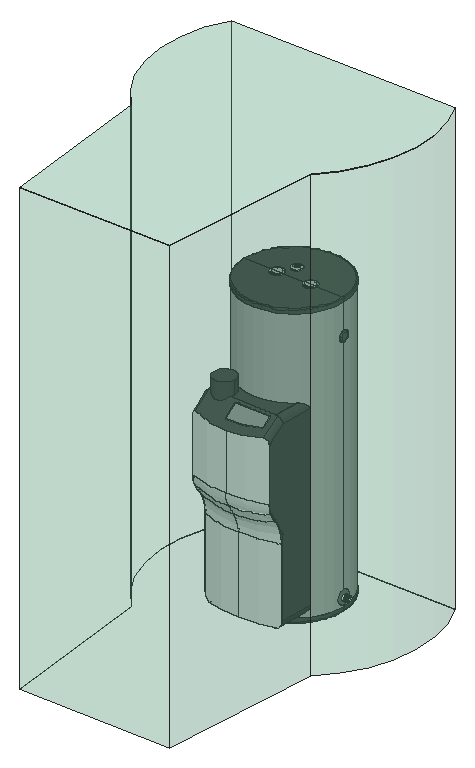
Revit family "Innovo  BENL_IR 32 285 BENL NAT", category Mechanical Equipment, Revit 2015
Parameters (values of type "IR-32-285 BENL NAT")
  Werkruimte Radius = Diameter + 170 mm  # 780 mm
  Werkruimte Hoogte = Hoogte + 1000 mm  # 2745 mm
  Werkruimte Afstand Voor = 1000 mm
  Werkruimte [instance] = yes
  Voorzorgsmaatregelen tijdens montage, installatie of onderhoud = "zie Gebruikers, Installatie, Service en Onderhouds handleiding"  # constant formula
  Voltage = 230 V  # constant formula
  Verpakkingslengte = 946 mm  # constant formula
  Verpakkingshoogte = 1895 mm
  Verpakkingsbreedte = 786 mm  # constant formula
  Uitsluitend werkend in daluren = no
  Uitschakeldruk LDS < = "210"
  Type aanduiding = "IR-24-285"
  Transportgewicht = 153 kg
  Totaal Gewicht = 438 kg
  Stilstandsverlies - dagelijks (24u) = 0 W
  Stilstandsverlies = 0 W
  Standaard Afgesteld op = "G31"
  Stand Regelthermostaat = 65 °C  # constant formula
  Soort Verpakking = "Karton en Hout"  # constant formula
  Slimme controlefunctie = no
  Setpoint thermostaat = 65 °C  # constant formula
  Seizoens Rendement (Hs) = [Rendement (Hs, vlgs. NEN-EN 89 - 1999)]  # 97
  Rendement (Hs, vlgs. NEN-EN 89 - 1999) = 97
  Rendement (Hi, vlgs. NEN-EN 89 - 1999) = 108
  Produktspecificaties Link = ""
  Produkthandleiding Link = ""
  Produkt Model Nummer (EAN-nummer) = "8717449286200"
  Onderhoudsinterval = "12 maanden"  # constant formula
  Nominale Belasting (Onderwaarde) = "22000.0"
  Nominale Belasting (Bovenwaarde) = "23900.0"
  Nominaal Vermogen = "23300.0"
  NOx-uitstoot mg/kWh = "33"
  NOx-uitstoot (lucht vrij, 0% O2) ppm = "20.0"
  Min. Stand Regelthermostaat = 40 °C  # constant formula
  Max. Werkdruk = 800000.0 Pa
  Max. Stand Regelthermostaat = 85 °C  # constant formula
  Max. Rookgastemperatuur = 57 °C
  Ledig Gewicht = 136 kg
  Kraan Hoogte 02 = if(and(Hoogte = 1745 mm, Diameter = 675 mm), 1518 mm, if(and(Hoogte = 1745 mm, Diameter = 610 mm), 1534 mm, if(Hoogte = 1545 mm, 1328 mm, 1070 mm)))  # 1534 mm
  Kraan Hoogte 01 = if(and(Diameter > 560 mm), 693 mm, 604 mm)  # 693 mm
  URL = "www.aosmith.be"
  Tapcapaciteit bij ΔT = 70°C  na 90 min. = 630.0 L
  Tapcapaciteit bij ΔT = 70°C  na 60 min. = 490.0 L
  Tapcapaciteit bij ΔT = 70°C  na 30 min. = 340.0 L
  Tapcapaciteit bij ΔT = 70°C  na 120 min. = 780.0 L
  Tapcapaciteit bij ΔT = 55°C  na 90 min. = 830.0 L
  Tapcapaciteit bij ΔT = 55°C  na 60 min. = 650.0 L
  Tapcapaciteit bij ΔT = 55°C  na 30 min. = 460.0 L
  Tapcapaciteit bij ΔT = 55°C  na 120 min. = 1100.0 L
  Tapcapaciteit bij ΔT = 50°C  na 90 min. = 920.0 L
  Tapcapaciteit bij ΔT = 50°C  na 60 min. = 720.0 L
  Tapcapaciteit bij ΔT = 50°C  na 30 min. = 510.0 L
  Tapcapaciteit bij ΔT = 50°C na 120 min. = 1200.0 L
  Tapcapaciteit bij ΔT = 44°C na 120 min. = 1100.0 L
  Tapcapaciteit bij ΔT = 44°C  na 90 min. = 820.0 L
  Tapcapaciteit bij ΔT = 44°C  na 60 min. = 590.0 L
  Tapcapaciteit bij ΔT = 44°C  na 30 min. = 1300.0 L
  Tapcapaciteit bij ΔT = 28°C na 90 min. = 1700.0 L
  Tapcapaciteit bij ΔT = 28°C na 60 min. = 1400.0 L
  Tapcapaciteit bij ΔT = 28°C na 30 min. = 960.0 L
  Tapcapaciteit bij ΔT = 28°C na 120 min. = 2100.0 L
  Tapcapaciteit Continu bij ΔT = 70°C = 290.0 L/s
  Tapcapaciteit Continu bij ΔT = 55°C = 370.0 L/s
  Tapcapaciteit Continu bij ΔT = 50°C = 410.0 L/s
  Tapcapaciteit Continu bij ΔT = 44°C = 460.0 L/s
  Tapcapaciteit Continu bij ΔT = 28°C = 740.0 L/s
  Opwarmtijd bij ΔT = 70°C = "49"
  Opwarmtijd bij ΔT = 55°C = "39"
  Opwarmtijd bij ΔT = 50°C = "35"
  Opwarmtijd bij ΔT = 44°C = "31"
  Opwarmtijd bij ΔT = 28°C = "20"
  Model = "IR-24-285 BENL LP"
  Manufacturer = "A.O. Smith Water Products Company b.v."  # constant formula
  Length = 780 mm  # constant formula
  Jaarlijks elektriciteitsverbruik (2) = "-"
  Jaarlijks elektriciteitsverbruik (1) = "45 kWh"
  Jaarlijks brandstofverbruik (2) = "-"
  Jaarlijks brandstofverbruik (1) = "21 GJ GCV"
  Isolatiedikte = 44 mm
  Installatie Typen = "B23/C13/C33/C43/C53/C63"  # constant formula
  Inhoud = 285.0 L
  Hoogte Warm Water Uitlaat = 1745 mm
  Hoogte Rookgasafvoer = 1350 mm
  Hoogte Lucht Inlaat = 1350 mm
  Hoogte Koud Water Inlaat = 170 mm
  Hoogte Gas Aansluiting = 920 mm
  Hoogte = 1745 mm
  Handelsmerk = "A.O. Smith"  # constant formula
  Geluidsniveau dB (A) = "<45"  # constant formula
  Geluidsniveau binnen = "53 dB"
  Gasverbruik - Volume ltr/hr = "n.v.t."
  Gasverbruik - Massa kg/h = "1.7"
  Gascategorie = "I2E(S)B"  # constant formula
  Gas Voordruk = "3700 Pa"
  Gas Aansluiting = 15"  # constant formula
  Garrantie op Tank = "36 maanden"  # constant formula
  Garrantie op Onderdelen = "12 maanden"  # constant formula
  Frequentie = 50 Hz  # constant formula
  Fase = 1
  Fabrikantnummer = "E 7110"  # constant formula
  Energie-efficiëntieklasse voor waterverwarming (2) = "-"
  Energie-efficiëntieklasse voor waterverwarming (1) = "A"  # constant formula
  Energie-efficiëntie voor waterverwarming (2) = "-"
  Energie-efficiëntie voor waterverwarming (1) = "91%"
  Elektrisch Vermogen (piek) = 105 W
  Elektrisch Vermogen (nominaal) = 51 W
  Diameter Schoorsteen - parallel systeem = "2x80"  # constant formula
  Diameter Schoorsteen - concentrisch systeem = "80/125 mm/mm"  # constant formula
  Diameter Schoorsteen - boiler = "80/125 mm/mm"  # constant formula
  Diameter = 610 mm
  Description = "Condenserende Hoog Rendementsboiler"  # constant formula
  Created By = "http://www.cadcompany.nl/"
  Capaciteitsprofiel = "XXL"
  CO2-uitstoot (tol. +/- 1.0) vol% = "10.0"
  CE-PIN = "0063CQ3037"  # constant formula
  Breedte = Diameter  # 610 mm
  Bestemming / Land = "BelgIë"  # constant formula
  BIM Content Developer = "CAD & Company"  # constant formula
  Assembly Code = "D3010"
  Ander capaciteitsprofiel = "-"
  Aansluiting Warm Water = 1"
  Aansluiting T&P = 1"
  Aansluiting Koud Water = 3/4"  # constant formula
  Aansluiting Condensafvoer = 40 mm  # constant formula
  Aansluiting Aftapkraan = 3/4"  # constant formula
  2e Onderhoud (algeheel onderhoud) = "12 maanden na installatie"  # constant formula
  1e Onderhoud (check-up) = "3 maanden na installatie"  # constant formula
Reference planes
  plane 1 "Center (Front/Back)": y = 0
  plane 2: z = 0
  plane 3 "Center (Left/Right)": x = 0
  plane 4 "Pipe": through (-383.901, 912.349, 194.799) normal (-0.0879, -0.0879, 0.9923)
  plane 5 "footing": y = 118.925
  plane 6 "footing front": y = -237.85
  plane 7: x = -305
  plane 8: x = 305
  plane 9: z = 1745
Forms (mm)
  Revolve 1, solid, material "RAL 9005", detail levels medium+fine
    sketch origin (0, -237.85, 0) x (-1, 0, 0) y (0, 0, 1)
      loop
        line (0, 28.9) -> (-15, 28.9) -> (-15, 26.4) -> (-8.671, 26.4) -> (-8.671, 18) -> (-5.686, 18) -> (-6.626, 17.06) -> (-6.626, 12.06) -> (-8.671, 12.06) -> (-8.671, 10) -> (-10.031, 10) -> (-23.271, 5.181)
        arc (-23.271, 5.181) -> (-23.763, 4.836) -> (-24.017, 4.293) r 1.159
        line (-24.017, 4.293) -> (-24.017, 1.03)
        arc (-24.017, 1.03) -> (-23.715, 0.302) -> (-22.986, 0) r 1.03
        line (-22.986, 0) -> (0, 0) -> (0, 28.9)
      axis (0, 28.9) -> (0, 0)
    angle from 0 to 360
  Revolve 2, solid, material "RAL 9005", detail levels medium+fine
    sketch origin (0, 118.925, 0) x (-1, 0, 0) y (0, 0, 1)
      loop
        line (-205.984, 28.9) -> (-220.984, 28.9) -> (-220.984, 26.4) -> (-214.655, 26.4) -> (-214.655, 18) -> (-211.67, 18) -> (-212.61, 17.06) -> (-212.61, 12.06) -> (-214.655, 12.06) -> (-214.655, 10) -> (-216.015, 10) -> (-229.256, 5.181)
        arc (-229.256, 5.181) -> (-229.747, 4.836) -> (-230.001, 4.293) r 1.159
        line (-230.001, 4.293) -> (-230.001, 1.03)
        arc (-230.001, 1.03) -> (-229.699, 0.302) -> (-228.971, 0) r 1.03
        line (-228.971, 0) -> (-205.984, 0) -> (-205.984, 28.9)
      axis (-205.984, 28.9) -> (-205.984, 0)
    angle from 0 to 360
  Revolve 3, solid, material "RAL 9005", detail levels medium+fine
    sketch origin (0, 118.925, 0) x (-1, 0, 0) y (0, 0, 1)
      loop
        line (204.016, 28.9) -> (189.016, 28.9) -> (189.016, 26.4) -> (195.345, 26.4) -> (195.345, 18) -> (198.33, 18) -> (197.39, 17.06) -> (197.39, 12.06) -> (195.345, 12.06) -> (195.345, 10) -> (193.985, 10) -> (180.744, 5.181)
        arc (180.744, 5.181) -> (180.253, 4.836) -> (179.999, 4.293) r 1.159
        line (179.999, 4.293) -> (179.999, 1.03)
        arc (179.999, 1.03) -> (180.301, 0.302) -> (181.029, 0) r 1.03
        line (181.029, 0) -> (204.016, 0) -> (204.016, 28.9)
      axis (204.016, 28.9) -> (204.016, 0)
    angle from 0 to 360
Lines and regions (mm)
  symbolic lines
    curve 1: line (0, 280.06, 0) -> (0, -280.06, 0)
    curve 2: line (-280.06, 0, 0) -> (280.06, 0, 0)
  symbolic lines, style "Workspace"
    curve 3: line (681.142, 380.06, 0) -> (-681.142, 380.06, 0)
    curve 4: arc (-681.142, 380.06, 0) -> (-777.325, -64.546, 0) -> (-609.127, -487.2, 0) r 780
    curve 5: line (-609.127, -487.2, 0) -> (-421.783, -1517.825, 0)
    curve 6: line (-421.783, -1517.825, 0) -> (424.03, -1517.825, 0)
    curve 7: line (424.03, -1517.825, 0) -> (611.027, -484.816, 0)
    curve 8: arc (611.027, -484.816, 0) -> (777.449, -63.027, 0) -> (681.142, 380.06, 0) r 780
Dimensions and locks
  plane 5 "footing" to plane 1 "Center (Front/Back)" = 118.925 mm
  plane 1 "Center (Front/Back)" to plane 6 "footing front" = 237.85 mm
  "Diameter": plane 7 to plane 8
  equal spacing: plane 7, plane 3 "Center (Left/Right)", plane 8
  "Hoogte": plane 9 to plane 2
  "Werkruimte Afstand Voor": curve 6 to nested 3
  "Werkruimte Radius": radius of curve 4
  "Werkruimte Radius": radius of curve 8
  aligned and locked: level to plane 2
  aligned and locked: nested 3 to Revolve 1 sketch curve
  aligned and locked: plane 3 "Center (Left/Right)" to Revolve 1 sketch curve
  aligned and locked: nested 3 to plane 1 "Center (Front/Back)"
  aligned and locked: plane 3 "Center (Left/Right)" to nested 3
  aligned and locked: nested 1 to plane 8
  aligned and locked: nested 5 to plane 8
  aligned and locked: nested 2 to plane 7
  aligned and locked: nested 4 to plane 7
  aligned and locked: nested 7 to plane 7
  aligned and locked: nested 8 to plane 3 "Center (Left/Right)"
  aligned and locked: nested 8 to nested 3
  aligned and locked: curve 3 to nested 8
Automatic sketch dimensions
  Revolve 1 sketch curve to level = 0 mm
  plane 3 "Center (Left/Right)" to Revolve 1 sketch curve = 5.686 mm
  Revolve 1 sketch curve to Revolve 1 sketch curve = 0.94 mm  (x2)
  Revolve 1 sketch curve to Revolve 1 sketch curve = 2.046 mm  (x2)
  Revolve 1 sketch curve to Revolve 1 sketch curve = 1.359 mm
  Revolve 1 sketch curve to Revolve 1 sketch curve = 6.329 mm
  level to Revolve 1 sketch curve = 4.091 mm
  Revolve 1 sketch curve to Revolve 1 sketch curve = 12.844 mm
  level to Revolve 1 sketch curve = 1.03 mm
  Revolve 1 sketch curve to Revolve 1 sketch curve = 0.111 mm
  level to Revolve 1 sketch curve = 5.181 mm
  Revolve 1 sketch curve to Revolve 1 sketch curve = 0.745 mm
  level to Revolve 1 sketch curve = 10 mm
  Revolve 1 sketch curve to Revolve 1 sketch curve = 2.06 mm
  Revolve 1 sketch curve to Revolve 1 sketch curve = 5 mm
  Revolve 1 sketch curve to Revolve 1 sketch curve = 8.4 mm
  Revolve 1 sketch curve to Revolve 1 sketch curve = 2.5 mm
  Revolve 1 sketch curve to level = 19.635 mm
  Revolve 1 sketch curve to Revolve 1 sketch curve = 46.465 mm
  Revolve 2 sketch curve to level = 0 mm
  level to Revolve 2 sketch curve = 1.03 mm
  Revolve 2 sketch curve to plane 8 = 74.999 mm
  level to Revolve 2 sketch curve = 5.181 mm
  Revolve 2 sketch curve to Revolve 2 sketch curve = 0.745 mm
  Revolve 2 sketch curve to Revolve 2 sketch curve = 0.397 mm
  Revolve 2 sketch curve to Revolve 2 sketch curve = 8.271 mm
  Revolve 2 sketch curve to Revolve 2 sketch curve = 13.241 mm
  Revolve 2 sketch curve to Revolve 2 sketch curve = 1.359 mm
  Revolve 2 sketch curve to Revolve 2 sketch curve = 6.329 mm
  Revolve 2 sketch curve to Revolve 2 sketch curve = 2.046 mm
  level to Revolve 2 sketch curve = 18 mm
  Revolve 2 sketch curve to Revolve 2 sketch curve = 0.94 mm  (x2)
  Revolve 2 sketch curve to Revolve 2 sketch curve = 8.671 mm
  Revolve 2 sketch curve to Revolve 2 sketch curve = 1.089 mm
  Revolve 2 sketch curve to Revolve 2 sketch curve = 8 mm
  Revolve 2 sketch curve to Revolve 2 sketch curve = 2.06 mm
  Revolve 2 sketch curve to Revolve 2 sketch curve = 8.4 mm
  Revolve 2 sketch curve to Revolve 2 sketch curve = 2.5 mm
  Revolve 2 sketch curve to Revolve 2 sketch curve = 0 mm
  Revolve 2 sketch curve to level = 19.635 mm
  Revolve 2 sketch curve to Revolve 2 sketch curve = 46.465 mm
  Revolve 3 sketch curve to level = 0 mm
  level to Revolve 3 sketch curve = 1.03 mm
  Revolve 3 sketch curve to plane 7 = 125.001 mm
  level to Revolve 3 sketch curve = 5.181 mm
  Revolve 3 sketch curve to Revolve 3 sketch curve = 0.745 mm
  Revolve 3 sketch curve to Revolve 3 sketch curve = 0.397 mm
  Revolve 3 sketch curve to Revolve 3 sketch curve = 8.271 mm
  Revolve 3 sketch curve to Revolve 3 sketch curve = 13.241 mm
  Revolve 3 sketch curve to Revolve 3 sketch curve = 1.359 mm
  Revolve 3 sketch curve to Revolve 3 sketch curve = 6.329 mm
  Revolve 3 sketch curve to Revolve 3 sketch curve = 2.046 mm
  level to Revolve 3 sketch curve = 18 mm
  Revolve 3 sketch curve to Revolve 3 sketch curve = 0.94 mm  (x2)
  Revolve 3 sketch curve to Revolve 3 sketch curve = 8.671 mm
  Revolve 3 sketch curve to Revolve 3 sketch curve = 1.089 mm
  Revolve 3 sketch curve to Revolve 3 sketch curve = 8 mm
  Revolve 3 sketch curve to Revolve 3 sketch curve = 2.06 mm
  Revolve 3 sketch curve to Revolve 3 sketch curve = 8.4 mm
  Revolve 3 sketch curve to Revolve 3 sketch curve = 2.5 mm
  Revolve 3 sketch curve to Revolve 3 sketch curve = 0 mm
  Revolve 3 sketch curve to level = 19.635 mm
  Revolve 3 sketch curve to Revolve 3 sketch curve = 46.465 mm
  curve 4 to curve 8 = 0 mm  (x2)
  plane 1 "Center (Front/Back)" to curve 2 = 0 mm
  curve 1 to plane 3 "Center (Left/Right)" = 0 mm
  plane 1 "Center (Front/Back)" to curve 4 = 0 mm
  curve 4 to plane 3 "Center (Left/Right)" = 0 mm
  curve 5 to plane 6 "footing front" = 249.35 mm
  plane 7 to curve 5 = 116.783 mm
  plane 8 to curve 7 = 119.03 mm
  curve 7 to plane 6 "footing front" = 246.966 mm
  curve 2 to plane 7 = 24.94 mm
  curve 2 to plane 8 = 24.94 mm
  curve 1 to plane 6 "footing front" = 42.21 mm
  plane 5 "footing" to curve 1 = 161.135 mm
Nested families
  nested 1: "Valve" at (305, -0.38, 1534) x (0, 1, 0) z (0, 0, 1), built-in parameter 1001364 <- "Kraan Hoogte 02", type "Valve"
  nested 2: "Drain Valve" at (-305, 0, 1534), built-in parameter 1001364 <- "Kraan Hoogte 02", type "Drain Valve"
  nested 3: "Housing Mother Housing S 57 (external)" at (0, -299.886, 0), type "Housing Mother_Housing S_57"
    with radius 305 mm, distance to boiler center 154 mm, diameter 610 mm
  nested 4: "Drain Valve" at (-305, 0, 177), type "Drain Valve"
  nested 5: "Drain Valve" at (305, 0, 107) x (-1, 0, 0) z (0, 0, 1), type "Drain Valve"
  nested 6: "Boiler" at (0, 0, 0), height <- "Hoogte", type "Boiler"
    with height 1745 mm, radius 305 mm, Diameter 610 mm
  nested 7: "Drain Valve" at (-305, 0, 693), built-in parameter 1001364 <- "Kraan Hoogte 01", type "Drain Valve"
  nested 8: "Innovo_workspace" at (0, 0, 0), Workspace <- "Werkruimte", Workspace Distance Front <- "Werkruimte Afstand Voor", Workspace Height <- "Werkruimte Hoogte", Workspace Radius <- "Werkruimte Radius", type "Workspace"
    with Workspace Radius 780 mm, Workspace Height 2745 mm, Workspace Distance Front 1000 mm, Workspace yes, Center to Front 517.825 mm
Connectors
  piping at (339.826, 0, 107), diameter 19.05, driven by "Aansluiting Aftapkraan"
    settings: on nested 5, index 1, connector inside diameter 24", connector length 0 mm, flow factor 0, pipe flow 0.0 L/s, pressure drop 0.0 Pa, fitting loss kfactor 0, connector angle 0.00°, fixture units 0, engagement length 0 mm, angle of deflection 0.00°, flow configuration 0, flow direction 0, fitting loss method 0, system type 19, joint type 0, gender type 0, connector reference index -1, connector utility 0, adjustable connector no, is connector primary yes, connector description ""
  hvac at (-147.013, -346.326, 1310.674)
    settings: on nested 3, index 2, duct flow 0.0 L/s, flow factor 0, pres drop 0.0 Pa, loss coef 0, conn angle 0.00°, conn width 304.8 mm, conn height 304.8 mm, conn diameter 125 mm, duct sys type 4, conn prof type 0, flow config 0, flow direction 0, loss method 0, conn ref index -1, conn util no, is conn primary yes, conn desc ""
Definition of nested family "Valve"
  Parameters (values of type "Valve")
    Type Comments = "T&P valve (internal)"
    Manufacturer = "A.O. Smith"
  Reference planes
    plane 1 "Center (Front/Back)": y = 0
    plane 2: z = 0
    plane 3 "Center (Left/Right)": x = 0
  Forms (mm)
    Extrusion 1, solid, detail levels fine
      sketch origin (0, 0, 0) x (1, 0, 0) y (0, 0, 1)
        loop
          circle (0, 0) r 31.5
      from -2.271 to 1.4
    Sweep 2, solid, detail levels fine
      path origin (0, -1.4, 0) x (1, 0, 0) y (0, 0, 1)
        loop
          circle (0, 0) r 31.5
      profile origin (0, -1.4, 31.5) x (0, 0, -1) y (0, -1, 0)
        loop
          line (7.3, 0) -> (7.3, 3) -> (0, 0) -> (7.3, 0)
  Dimensions and locks
    aligned and locked: level to plane 2
Definition of nested family "Drain Valve"
  Reference planes
    plane 1 "Center (Front/Back)": y = 0
    plane 2: z = 0
    plane 3 "Center (Left/Right)": x = 0
  Forms (mm)
    Revolve 1, solid, detail levels medium+fine
      sketch origin (0, 0, 0) x (1, 0, 0) y (0, 0, 1)
        loop
          line (-33.442, 15.696) -> (-34.826, 14.329) -> (-34.93, 12.731) -> (-16.555, 12.731) -> (-16.555, 0) -> (15.787, 0) -> (15.787, 18.3) -> (-14.4, 18.3) -> (-17.148, 15.533) -> (-18.729, 16.697) -> (-20.091, 15.333) -> (-21.672, 16.496) -> (-23.034, 15.133) -> (-24.614, 16.296) -> (-25.976, 14.932) -> (-27.557, 16.096) -> (-28.919, 14.732) -> (-30.5, 15.896) -> (-31.862, 14.532) -> (-33.442, 15.696)
        axis (-34.93, 0) -> (15.787, 0)
      angle from 0 to 360
  Dimensions and locks
    aligned and locked: level to plane 2
  Nested families
    nested 1: "Rubber sealing" at (2.592, -0.155, 0) x (0.0023, -1, 0) z (0, 0, 1), type "Rubber sealing", detail levels fine
  Definition of nested family "Rubber sealing"
    Reference planes
      plane 1 "Center (Front/Back)": y = 0
      plane 2: z = 0
      plane 3 "Center (Left/Right)": x = 0
    Forms (mm)
      Extrusion 1, solid, detail levels fine
        sketch origin (141.861, 319.581, 0) x (1, 0, 0) y (0, 1, 0)
          loop
            line (-216.354, -311.898) -> (-216.354, -313.94)
            arc (-216.354, -313.94) -> (-141.602, -321.581) -> (-66.861, -313.835) r 366.966
            line (-66.861, -313.835) -> (-66.861, -311.791)
            arc (-66.861, -311.791) -> (-141.602, -319.581) -> (-216.354, -311.898) r 364.966
        from -80 to 80
      Extrusion 2, void
        sketch origin (141.861, 319.581, 0) x (1, 0, 0) y (0, 0, 1)
          loop
            circle (-141.861, 0) r 13
          loop
            circle (-141.861, 0) r 110
          loop
            circle (-141.861, 0) r 40
        from 311.563 to 332.684
      Extrusion 3, void
        sketch origin (141.861, 319.581, 0) x (1, 0, 0) y (0, 0, 1)
          loop
            circle (-141.861, 0) r 18.25
        from 315.524 to 326.084
    Cuts and joins
      Extrusion 2, Extrusion 3 cuts Extrusion 1
    Dimensions and locks
      aligned and locked: level to plane 2
Definition of nested family "Housing Mother Housing S 57 (external)"
  Parameters (values of type "Housing Mother_Housing S_57")
    radius [instance] = 280 mm
    distance to boiler center = if(diameter = 675 mm, 189 mm, if(diameter = 610 mm, 154 mm, 129 mm))  # 129 mm
    diameter = 560 mm
  Reference planes
    plane 1 "Center (Front/Back)": y = 0
    plane 2: z = 0
    plane 3 "Center (Left/Right)": x = 0
    plane 4 "left": through (-245.286, 145.886, 1200) normal (0.9994, 0.0349, 0)
    plane 5: y = -217.939
    plane 6: y = 145.886
    plane 7: z = 1232.6
    plane 8: z = 65.89
    plane 9 "right": through (245.286, 145.886, 1200) normal (0.9994, -0.0349, 0)
    plane 10 "display": through (0, -90.37, 1221.196) normal (0, -0.5736, 0.8192)
    plane 11 "Potentiostat": z = 867.899
    plane 12 "boiler center": y = 274.886
    plane 13: x = -280
    plane 14: x = 280
  Forms (mm)
    Extrusion 1, solid
      sketch origin (0, 0, 0) x (1, 0, 0) y (0, 1, 0)
        loop
          line (-245.286, 145.886) -> (-232.581, -217.939) -> (232.581, -217.939) -> (245.286, 145.886)
          arc (245.286, 145.886) -> (0, 0.923) -> (-245.286, 145.886) r 280
      from 0 to 1232.6
    Sweep 2, void
      path origin (0, 0, 0) x (0, 1, 0) y (0, 0, 1)
        loop
          line (-217.939, 1232.6) -> (-217.939, 795.555)
          arc (-217.939, 795.555) -> (-212.387, 754.285) -> (-197.694, 715.322) r 183.924
          arc (-197.694, 715.322) -> (-179.915, 684.628) -> (-159.106, 655.901) r 348.284
          arc (-159.106, 655.901) -> (-131.411, 600.328) -> (-121.88, 538.973) r 202.254
          line (-121.88, 538.973) -> (-121.88, 61.106)
      profile origin (0, -217.939, 1014.077) x (1, 0, 0) y (0, 1, 0)
        loop
          arc (0, 0) -> (-117.533, 9.941) -> (-231.728, 39.475) r 699.984
          arc (-231.728, 39.475) -> (-233.391, 40.705) -> (-234.07, 42.659) r 3.505
          line (-234.07, 42.659) -> (-254.062, 42.659) -> (-254.062, -142.593) -> (254.07, -142.593) -> (254.07, 42.659) -> (234.07, 42.659)
          arc (234.07, 42.659) -> (233.391, 40.705) -> (231.728, 39.475) r 3.505
          arc (231.728, 39.475) -> (117.533, 9.941) -> (0, 0) r 699.984
    Extrusion 3, void
      sketch origin (0, 0, 0) x (0, 1, 0) y (0, 0, 1)
        loop
          arc (102.864, 70.869) -> (99.804, 70.709) -> (96.874, 69.813) r 12.57
          arc (96.874, 69.813) -> (87.878, 66.533) -> (78.516, 64.529) r 69.114
          arc (78.516, 64.529) -> (76.41, 64.284) -> (74.294, 64.148) r 41.206
          arc (74.294, 64.148) -> (65.203, 64.335) -> (56.122, 64.782) r 318.661
          arc (56.122, 64.782) -> (30.585, 66.179) -> (5.028, 67.128) r 1456.581
          line (5.028, 67.128) -> (-84.534, 73.135)
          arc (-84.534, 73.135) -> (-86.363, 73.808) -> (-87.536, 75.365) r 3.455
          line (-87.536, 75.365) -> (-264.473, 75.365) -> (-264.473, 0) -> (160.886, 0) -> (160.886, 103.945) -> (145.886, 103.945)
          arc (145.886, 103.945) -> (145.104, 97.827) -> (142.923, 92.059) r 26.364
          arc (142.923, 92.059) -> (141.067, 88.936) -> (138.867, 86.045) r 31.715
          arc (138.867, 86.045) -> (135.576, 82.49) -> (132.021, 79.2) r 62.615
          arc (132.021, 79.2) -> (125.841, 74.697) -> (119.091, 71.103) r 54.444
          arc (119.091, 71.103) -> (116.371, 70.272) -> (113.531, 70.123) r 11.669
          line (113.531, 70.123) -> (102.864, 70.869)
      from -254.062 to 254.07
    Sweep 4, void
      path origin (0, 0, 0) x (1, 0, 0) y (0, 1, 0)
        loop
          line (-245.286, 145.886) -> (-232.581, -217.939)
      profile origin (-238.933, -36.027, 0) x (0.999391, 0.034899, 0) y (0, 0, 1)
        loop
          line (-4.454, 0) -> (47.084, 0) -> (47.084, 73.431)
          arc (47.084, 73.431) -> (14.222, 85.134) -> (0.255, 117.1) r 43.922
          line (0.255, 117.1) -> (-4.454, 117.1) -> (-4.454, 0)
    Sweep 5, void
      path origin (0, 0, 0) x (-1, 0, 0) y (0, 1, 0)
        loop
          line (-245.286, 145.886) -> (-232.581, -217.939)
      profile origin (238.933, -36.027, 0) x (0.999391, -0.034899, 0) y (0, 0, 1)
        loop
          line (4.454, 0) -> (4.454, 117.1) -> (-0.255, 117.1)
          arc (-0.255, 117.1) -> (-14.222, 85.134) -> (-47.084, 73.431) r 43.922
          line (-47.084, 73.431) -> (-47.084, 0) -> (4.454, 0)
    Sweep 6, void
      path origin (-239.899, -8.377, 0) x (-0.034899, 0.999391, 0) y (0, 0, 1)
        loop
          line (-209.69, 1141.272) -> (-79.18, 1232.6) -> (154.358, 1232.6)
      profile origin (-241.211, 29.188, 1232.6) x (0, 0, 1) y (0.999391, 0.034899, 0)
        loop
          line (-45, -30) -> (75, -30) -> (75, 0) -> (75, 55) -> (2.799, 55) -> (-1.253, 35.128)
          arc (-1.253, 35.128) -> (-16.771, 9.564) -> (-45, -0.308) r 44.287
          line (-45, -0.308) -> (-45, -30)
    Sweep 7, void
      path origin (239.899, -8.377, 0) x (0.034899, 0.999391, 0) y (0, 0, 1)
        loop
          line (-209.69, 1141.272) -> (-79.18, 1232.6) -> (154.358, 1232.6)
      profile origin (241.211, 29.188, 1232.6) x (0, 0, -1) y (-0.999391, 0.034899, 0)
        loop
          line (-75, -25) -> (45, -25) -> (45, -0.308)
          arc (45, -0.308) -> (16.771, 9.564) -> (1.253, 35.128) r 44.287
          line (1.253, 35.128) -> (-2.799, 55) -> (-75, 55) -> (-75, -25)
    Extrusion 8, void
      sketch origin (0, 0, 0) x (0, 1, 0) y (0, 0, 1)
        loop
          line (-270, 1336.099) -> (-270, 1099.081) -> (68.497, 1336.099) -> (-270, 1336.099)
      from -425.038 to 444.42
    Extrusion 9, solid, detail levels medium+fine
      sketch origin (0, 0, 0) x (1, 0, 0) y (0, 1, 0)
        loop
          circle (-147.013, -46.44) r 65
      from 1163.174 to 1310.674
    Extrusion 10, void
      sketch origin (0, -603.506, 861.895) x (0, 0.819152, 0.573576) y (-1, 0, 0)
        loop
          arc (618.322, -173) -> (623.272, -170.95) -> (625.322, -166) r 7
          line (625.322, -166) -> (625.322, 35)
          arc (625.322, 35) -> (623.272, 39.95) -> (618.322, 42) r 7
          line (618.322, 42) -> (535.473, 42)
          arc (535.473, 42) -> (530.688, 40.11) -> (528.488, 35.46) r 7
          arc (528.488, 35.46) -> (531.569, -67.592) -> (554.18, -168.18) r 540
          arc (554.18, -168.18) -> (556.724, -171.668) -> (560.831, -173) r 7
          line (560.831, -173) -> (618.322, -173)
      from 0 to 137.286
    Sweep 11, solid, detail levels fine
      path origin (0, 0, 867.899) x (-1, 0, 0) y (0, -1, 0)
        loop
          line (309.749, -35.617) -> (204.371, -35.617)
          arc (204.371, -35.617) -> (196.509, -34.687) -> (189.082, -31.947) r 33.677
          line (189.082, -31.947) -> (-9.574, 69.274)
      profile origin (-257.06, 35.617, 867.899) x (0, 1, 0) y (0, 0, 1)
        loop
          circle (0, 0) r 7.316
        loop
          circle (0, 0) r 6.465
    Revolve 12, void
      sketch origin (0, 274.886, 0) x (-1, 0, 0) y (0, 0, 1)
        loop
          line (280, 1243.838) -> (0, 1243.838) -> (0, 54.9) -> (280, 54.9) -> (280, 1243.838)
        axis (0, 1243.838) -> (0, 54.9)
      angle from 0 to 360
  Cuts and joins
    Sweep 2, Extrusion 3, Sweep 4, Sweep 5, Sweep 6, Sweep 7, Extrusion 8, Extrusion 10, Revolve 12 cuts Extrusion 1
  Dimensions and locks
    plane 8 to plane 2 = 65.89 mm
    plane 7 to plane 8 = 1166.71 mm
    "distance to boiler center": plane 12 "boiler center" to plane 6
    "diameter": plane 14 to plane 13
    equal spacing: plane 14, plane 3 "Center (Left/Right)", plane 13
    "radius": plane 3 "Center (Left/Right)" to plane 13
    aligned and locked: level to plane 2
    aligned and locked: Extrusion 1 to plane 7
    aligned and locked: Extrusion 1 sketch curve to plane 5
    aligned and locked: Sweep 2 to Extrusion 3
    aligned and locked: Extrusion 3 to Sweep 2  (x2)
    aligned and locked: plane 7 to Sweep 2 sketch curve
    aligned and locked: plane 3 "Center (Left/Right)" to Revolve 12 sketch curve
    aligned and locked: Revolve 12 sketch curve to plane 3 "Center (Left/Right)"
    aligned and locked: plane 13 to Revolve 12 sketch curve
  Automatic sketch dimensions
    Extrusion 1 sketch curve to plane 4 "left" = 0 mm  (x2)
    Extrusion 1 sketch curve to plane 6 = 0 mm  (x2)
    Extrusion 1 sketch curve to plane 3 "Center (Left/Right)" = 0 mm
    Extrusion 1 sketch curve to plane 9 "right" = 0 mm
    plane 6 to Extrusion 1 sketch curve = 135.037 mm
    Sweep 2 sketch curve to plane 5 = 0 mm
    plane 5 to Sweep 2 sketch curve = 106.195 mm
    Sweep 2 sketch curve to plane 5 = 96.059 mm
    plane 1 "Center (Front/Back)" to Sweep 2 sketch curve = 34.053 mm
    plane 11 "Potentiostat" to Sweep 2 sketch curve = 6.417 mm
    Sweep 2 sketch curve to plane 6 = 33.705 mm
    Sweep 2 sketch curve to plane 11 "Potentiostat" = 68.615 mm
    Sweep 2 sketch curve to plane 11 "Potentiostat" = 72.345 mm
    Sweep 2 sketch curve to Sweep 2 sketch curve = 176.349 mm
    Sweep 2 sketch curve to Sweep 2 sketch curve = 0 mm  (x2)
    plane 8 to Sweep 2 sketch curve = 4.784 mm
    Extrusion 3 sketch curve to level = 0 mm
    Extrusion 3 sketch curve to plane 6 = 0 mm
    Extrusion 3 sketch curve to plane 6 = 26.363 mm
    Extrusion 3 sketch curve to Extrusion 3 sketch curve = 4.75 mm
    Extrusion 3 sketch curve to Extrusion 3 sketch curve = 5.179 mm
    Extrusion 3 sketch curve to plane 8 = 4.232 mm
    Extrusion 3 sketch curve to Extrusion 3 sketch curve = 0.814 mm
    Extrusion 3 sketch curve to plane 8 = 4.978 mm
    Extrusion 3 sketch curve to Extrusion 3 sketch curve = 10.667 mm
    Extrusion 3 sketch curve to Extrusion 3 sketch curve = 0.877 mm
    Extrusion 3 sketch curve to Extrusion 3 sketch curve = 17.827 mm
    Extrusion 3 sketch curve to Extrusion 3 sketch curve = 5.646 mm
    Extrusion 3 sketch curve to plane 6 = 69.562 mm
    Extrusion 3 sketch curve to Extrusion 3 sketch curve = 18.6 mm
    Extrusion 3 sketch curve to Extrusion 3 sketch curve = 22.538 mm
    Extrusion 3 sketch curve to plane 8 = 1.238 mm
    Extrusion 3 sketch curve to plane 1 "Center (Front/Back)" = 5.028 mm
    plane 1 "Center (Front/Back)" to Extrusion 3 sketch curve = 36.224 mm
    Extrusion 3 sketch curve to plane 8 = 10.692 mm
    plane 1 "Center (Front/Back)" to Extrusion 3 sketch curve = 84.302 mm
    Extrusion 3 sketch curve to plane 8 = 7.244 mm
    Extrusion 3 sketch curve to Extrusion 3 sketch curve = 0.231 mm
    Extrusion 3 sketch curve to Extrusion 3 sketch curve = 3.234 mm
    plane 5 to Extrusion 3 sketch curve = 46.534 mm
    plane 6 to Extrusion 3 sketch curve = 15 mm
    Extrusion 3 sketch curve to level = 1388.869 mm
    plane 8 to Extrusion 3 sketch curve = 7.561 mm
    Extrusion 3 sketch curve to Extrusion 3 sketch curve = 11.64 mm
    Extrusion 3 sketch curve to plane 8 = 38.054 mm
    Extrusion 3 sketch curve to Extrusion 3 sketch curve = 22.442 mm
    Extrusion 3 sketch curve to plane 8 = 39.432 mm
    Extrusion 3 sketch curve to Extrusion 3 sketch curve = 2.466 mm
    Extrusion 3 sketch curve to Extrusion 3 sketch curve = 14.17 mm
    Extrusion 3 sketch curve to Extrusion 3 sketch curve = 5.925 mm
    Extrusion 3 sketch curve to Extrusion 3 sketch curve = 6.186 mm
    Extrusion 3 sketch curve to Extrusion 3 sketch curve = 249.85 mm
    Extrusion 3 sketch curve to Extrusion 3 sketch curve = 0 mm  (x4)
    Extrusion 3 sketch curve to Extrusion 3 sketch curve = 6.845 mm
    plane 8 to Extrusion 3 sketch curve = 1.743 mm
    Sweep 4 sketch curve to plane 4 "left" = 0 mm  (x2)
    Sweep 4 sketch curve to plane 6 = 0 mm
    plane 5 to Sweep 4 sketch curve = 0 mm
    Sweep 4 sketch curve to level = 0 mm
    profile plane to Sweep 4 sketch curve = 4.454 mm
    Sweep 4 sketch curve to profile plane = 0.255 mm
    Sweep 4 sketch curve to Sweep 4 sketch curve = 43.922 mm
    Sweep 4 sketch curve to profile plane = 47.084 mm
    level to Sweep 4 sketch curve = 73.431 mm
    Sweep 4 sketch curve to Sweep 4 sketch curve = 43.669 mm
    Sweep 5 sketch curve to plane 6 = 0 mm
    Sweep 5 sketch curve to plane 9 "right" = 0 mm  (x2)
    plane 5 to Sweep 5 sketch curve = 0 mm
    Sweep 5 sketch curve to level = 0 mm
    profile plane to Sweep 5 sketch curve = 47.084 mm
    Sweep 5 sketch curve to Sweep 5 sketch curve = 2.907 mm
    profile plane to Sweep 5 sketch curve = 0.255 mm
    Sweep 5 sketch curve to profile plane = 4.454 mm
    level to Sweep 5 sketch curve = 73.431 mm
    Sweep 5 sketch curve to Sweep 5 sketch curve = 43.669 mm
    Sweep 6 sketch curve to plane 7 = 0 mm
    plane 7 to Sweep 6 sketch curve = 91.328 mm
    Sweep 6 sketch curve to Sweep 6 sketch curve = 130.509 mm
    Sweep 6 sketch curve to Sweep 6 sketch curve = 233.538 mm
    Sweep 6 sketch curve to plane 4 "left" = 0 mm
    profile plane to Sweep 6 sketch curve = 45 mm
    Sweep 6 sketch curve to Sweep 6 sketch curve = 0.354 mm
    profile plane to Sweep 6 sketch curve = 1.253 mm
    Sweep 6 sketch curve to profile plane = 2.799 mm
    Sweep 6 sketch curve to Sweep 6 sketch curve = 72.201 mm
    Sweep 6 sketch curve to plane 4 "left" = 0.308 mm
    Sweep 6 sketch curve to Sweep 6 sketch curve = 29.692 mm
    plane 4 "left" to Sweep 6 sketch curve = 35.128 mm
    plane 4 "left" to Sweep 6 sketch curve = 55 mm
    Sweep 7 sketch curve to plane 7 = 0 mm
    Sweep 7 sketch curve to plane 7 = 91.328 mm
    Sweep 7 sketch curve to Sweep 7 sketch curve = 130.509 mm
    Sweep 7 sketch curve to Sweep 7 sketch curve = 233.538 mm
    Sweep 7 sketch curve to plane 9 "right" = 25 mm
    profile plane to Sweep 7 sketch curve = 75 mm
    profile plane to Sweep 7 sketch curve = 2.799 mm
    Sweep 7 sketch curve to profile plane = 1.253 mm
    Sweep 7 sketch curve to Sweep 7 sketch curve = 43.393 mm
    Sweep 7 sketch curve to profile plane = 45 mm
    Sweep 7 sketch curve to plane 9 "right" = 0.308 mm
    plane 9 "right" to Sweep 7 sketch curve = 35.128 mm
    Sweep 7 sketch curve to Sweep 7 sketch curve = 19.872 mm
    plane 5 to Extrusion 8 sketch curve = 52.061 mm
    Extrusion 8 sketch curve to plane 1 "Center (Front/Back)" = 68.497 mm
    plane 7 to Extrusion 8 sketch curve = 133.519 mm
    Extrusion 8 sketch curve to plane 7 = 103.499 mm
    plane 1 "Center (Front/Back)" to Extrusion 9 sketch curve = 46.44 mm
    Extrusion 9 sketch curve to plane 3 "Center (Left/Right)" = 147.013 mm
    Extrusion 10 sketch curve to plane 3 "Center (Left/Right)" = 0 mm
    Extrusion 10 sketch curve to plane 3 "Center (Left/Right)" = 35 mm
    Extrusion 10 sketch curve to Extrusion 10 sketch curve = 25.359 mm
    Extrusion 10 sketch curve to Extrusion 10 sketch curve = 57.491 mm
    Extrusion 10 sketch curve to plane 3 "Center (Left/Right)" = 42 mm
    Extrusion 10 sketch curve to Extrusion 10 sketch curve = 82.85 mm
    Extrusion 10 sketch curve to Extrusion 10 sketch curve = 7 mm
    Extrusion 10 sketch curve to Extrusion 10 sketch curve = 442 mm
    plane 3 "Center (Left/Right)" to Extrusion 10 sketch curve = 166 mm
    Extrusion 10 sketch curve to Extrusion 10 sketch curve = 0 mm  (x2)
    Sweep 11 sketch curve to plane 1 "Center (Front/Back)" = 31.947 mm
    Sweep 11 sketch curve to plane 3 "Center (Left/Right)" = 189.082 mm
    Sweep 11 sketch curve to plane 1 "Center (Front/Back)" = 1.94 mm
    Sweep 11 sketch curve to Sweep 11 sketch curve = 15.289 mm
    plane 3 "Center (Left/Right)" to Sweep 11 sketch curve = 9.574 mm
    Sweep 11 sketch curve to Sweep 11 sketch curve = 105.378 mm
    plane 1 "Center (Front/Back)" to Sweep 11 sketch curve = 69.274 mm
    Sweep 11 sketch curve to Sweep 11 sketch curve = 0 mm  (x2)
    Sweep 11 sketch curve to plane 11 "Potentiostat" = 0 mm
    Sweep 11 sketch curve to profile plane = 0 mm
    plane 8 to Revolve 12 sketch curve = 10.99 mm
    Revolve 12 sketch curve to plane 7 = 11.238 mm
    Revolve 12 sketch curve to level = 366.045 mm
    Revolve 12 sketch curve to Revolve 12 sketch curve = 971.917 mm
    Sweep 2 sketch curve to plane 3 "Center (Left/Right)" = 0 mm
    profile plane to Sweep 2 sketch curve = 0 mm
    Sweep 2 sketch curve to plane 3 "Center (Left/Right)" = 0.016 mm
    Sweep 2 sketch curve to profile plane = 42.782 mm  (x2)
    Sweep 2 sketch curve to plane 3 "Center (Left/Right)" = 230.568 mm
    plane 3 "Center (Left/Right)" to Sweep 2 sketch curve = 0.016 mm
    plane 3 "Center (Left/Right)" to Sweep 2 sketch curve = 230.568 mm
    Sweep 2 sketch curve to Sweep 2 sketch curve = 3.502 mm  (x2)
    Sweep 2 sketch curve to Sweep 2 sketch curve = 20 mm
    profile plane to Sweep 2 sketch curve = 142.593 mm
    Sweep 2 sketch curve to Sweep 2 sketch curve = 0.122 mm  (x2)
    Sweep 2 sketch curve to Sweep 2 sketch curve = 657.203 mm
    Sweep 2 sketch curve to Sweep 2 sketch curve = 19.991 mm
    radius of Extrusion 9 sketch curve = 65 mm
    radius of Sweep 11 sketch curve = 7.316 mm
    radius of Sweep 11 sketch curve = 6.465 mm
  Nested families
    nested 1: "display" at (65.5, -130.939, 1192.79) x (-1, 0, 0) z (0, -0.5736, 0.8192), type "display"
  Definition of nested family "display"
    Parameters (values of type "display")
      Default Elevation = 1219.2 mm
    Reference planes
      plane 1 "Center (Front/Back)": y = 0
      plane 2: z = 0
      plane 3 "Center (Left/Right)": x = 0
    Forms (mm)
      Extrusion 1, solid, detail levels medium+fine
        sketch origin (-16.958, 11.842, -343.878) x (1, 0, 0) y (0, 0, -1)
          loop
            line (-233.523, -343.878) -> (-233.523, -346.592) -> (332.686, -346.592) -> (332.686, -343.878) -> (-233.523, -343.878)
        from -228.7 to 150.822
      Extrusion 2, void
        sketch origin (-16.958, 6.842, -343.878) x (1, 0, 0) y (0, 1, 0)
          loop
            line (-233.523, 155.822) -> (-233.523, -223.7) -> (332.686, -223.7) -> (332.686, 155.822) -> (-233.523, 155.822)
          loop
            arc (-90.542, -48.267) -> (-88.492, -53.216) -> (-83.542, -55.267) r 7
            line (-83.542, -55.267) -> (117.458, -55.267)
            arc (117.458, -55.267) -> (122.408, -53.216) -> (124.458, -48.267) r 7
            line (124.458, -48.267) -> (124.458, 34.583)
            arc (124.458, 34.583) -> (122.568, 39.368) -> (117.918, 41.568) r 7
            arc (117.918, 41.568) -> (14.866, 38.487) -> (-85.722, 15.876) r 540
            arc (-85.722, 15.876) -> (-89.21, 13.332) -> (-90.542, 9.224) r 7
            line (-90.542, 9.224) -> (-90.542, -48.267)
        from 328.878 to 363.083
    Cuts and joins
      Extrusion 2 cuts Extrusion 1
    Dimensions and locks
      aligned and locked: level to plane 2
Definition of nested family "Boiler"
  Parameters (values of type "Boiler")
    radius [instance] = 280 mm
    height [instance] = 1270 mm
    Diameter = 560 mm
  Reference planes
    plane 1 "Center (Front/Back)": y = 0
    plane 2: z = 0
    plane 3 "Center (Left/Right)": x = 0
    plane 4: z = 1243.838
    plane 5: z = 1270
    plane 6 "bottom": z = 28.9
    plane 7: z = 54.9
    plane 8 "top controle": y = 88
    plane 9: x = -280
    plane 10: x = 280
  Forms (mm)
    Revolve 1, solid
      sketch origin (0, 0, 0) x (1, 0, 0) y (0, 0, 1)
        loop
          line (0, 54.9) -> (-280, 54.9) -> (-280, 32.9)
          arc (-280, 32.9) -> (-278.828, 30.072) -> (-276, 28.9) r 4
          line (-276, 28.9) -> (0, 28.9) -> (0, 54.9)
        axis (0, 28.9) -> (0, 54.9)
      angle from 0 to 360
    Revolve 2, solid
      sketch origin (1.311, 0, 0) x (1, 0, 0) y (0, 0, 1)
        loop
          line (-278.86, 1243.838) -> (-278.86, 54.9) -> (-1.311, 54.9) -> (-1.311, 1243.838) -> (-278.86, 1243.838)
        axis (-1.311, 1243.838) -> (-1.311, 54.9)
      angle from 0 to 360
    Revolve 3, solid
      sketch origin (-9.205, 0, 377.212) x (-1, 0, 0) y (0, 0, 1)
        loop
          line (-148.904, 892.788) -> (-110.805, 892.788) -> (-110.805, 895.963) -> (-141.883, 895.963) -> (-148.904, 893.62) -> (-148.904, 892.788)
        axis (-110.805, 892.788) -> (-110.805, 895.963)
      angle from 0 to 360
    Revolve 4, solid
      sketch origin (0, 0, 718.065) x (1, 0, 0) y (0, 0, -1)
        loop
          line (0, -525.773) -> (-280, -525.773) -> (-280, -547.935)
          arc (-280, -547.935) -> (-278.828, -550.763) -> (-276, -551.935) r 4
          line (-276, -551.935) -> (0, -551.935) -> (0, -525.773)
        axis (0, -551.935) -> (0, -525.773)
      angle from 0 to 360
    Revolve 5, solid
      sketch origin (0, 88, 0) x (1, 0, 0) y (0, 0, 1)
        loop
          line (-19.051, 1270) -> (-19.051, 1271.074) -> (-32.63, 1275.604) -> (-32.63, 1271.117) -> (-37.266, 1271.117) -> (-38.383, 1270) -> (-19.051, 1270)
        axis (-50.8, 1270) -> (-50.8, 1275.604)
      angle from 0 to 360
    Revolve 6, solid
      sketch origin (-217.12, 0, 372.245) x (-1, 0, 0) y (0, 0, 1)
        loop
          line (-153.622, 897.755) -> (-115.52, 897.755) -> (-115.52, 900.93) -> (-146.626, 900.93) -> (-153.622, 898.596) -> (-153.622, 897.755)
        axis (-115.52, 897.755) -> (-115.52, 900.93)
      angle from 0 to 360
  Dimensions and locks
    "height": plane 5 to plane 2
    plane 6 "bottom" to plane 2 = 28.9 mm
    locked: plane 5 to plane 4 at 26.162
    locked: plane 1 "Center (Front/Back)" to plane 8 "top controle" at 88
    "Diameter": plane 10 to plane 9
    equal spacing: plane 10, plane 3 "Center (Left/Right)", plane 9
    "radius": plane 3 "Center (Left/Right)" to plane 9
    locked: plane 9 to Revolve 2 sketch curve at 2.452
    aligned and locked: level to plane 2
    aligned and locked: Revolve 2 sketch curve to plane 7
    aligned and locked: Revolve 2 sketch curve to plane 4
    aligned and locked: Revolve 1 sketch curve to plane 7
    aligned and locked: plane 6 "bottom" to Revolve 1 sketch curve
    aligned and locked: Revolve 4 sketch curve to plane 3 "Center (Left/Right)"
    aligned and locked: plane 5 to Revolve 4 sketch curve
    aligned and locked: Revolve 4 sketch curve to plane 4
    aligned and locked: plane 9 to Revolve 4 sketch curve
    aligned and locked: Revolve 1 sketch curve to plane 9
    aligned and locked: Revolve 2 sketch curve to plane 3 "Center (Left/Right)"
    aligned and locked: plane 3 "Center (Left/Right)" to Revolve 2 sketch curve
  Automatic sketch dimensions
    Revolve 1 sketch curve to plane 3 "Center (Left/Right)" = 0 mm  (x2)
    Revolve 1 sketch curve to Revolve 1 sketch curve = 4 mm
    Revolve 1 sketch curve to level = 40 mm
    Revolve 1 sketch curve to Revolve 1 sketch curve = 305.1 mm
    Revolve 2 sketch curve to level = 366.045 mm
    Revolve 2 sketch curve to plane 5 = 945.755 mm
    Revolve 3 sketch curve to plane 5 = 0 mm
    Revolve 3 sketch curve to plane 3 "Center (Left/Right)" = 139.699 mm
    plane 5 to Revolve 3 sketch curve = 3.175 mm
    Revolve 3 sketch curve to Revolve 3 sketch curve = 7.022 mm
    Revolve 3 sketch curve to Revolve 3 sketch curve = 31.078 mm
    Revolve 3 sketch curve to Revolve 3 sketch curve = 0.832 mm
    Revolve 3 sketch curve to Revolve 3 sketch curve = 0 mm
    Revolve 3 sketch curve to Revolve 3 sketch curve = 2.338 mm
    Revolve 3 sketch curve to Revolve 3 sketch curve = 4.487 mm
    Revolve 4 sketch curve to plane 3 "Center (Left/Right)" = 0 mm
    Revolve 4 sketch curve to Revolve 4 sketch curve = 4 mm
    Revolve 4 sketch curve to Revolve 4 sketch curve = 68.738 mm
    Revolve 4 sketch curve to Revolve 4 sketch curve = 305.1 mm
    Revolve 6 sketch curve to plane 5 = 0 mm
    plane 3 "Center (Left/Right)" to Revolve 6 sketch curve = 63.497 mm
    plane 5 to Revolve 6 sketch curve = 3.175 mm
    Revolve 6 sketch curve to Revolve 6 sketch curve = 6.997 mm
    Revolve 6 sketch curve to Revolve 6 sketch curve = 31.106 mm
    Revolve 6 sketch curve to Revolve 6 sketch curve = 0.84 mm
    Revolve 6 sketch curve to Revolve 6 sketch curve = 0 mm
    Revolve 6 sketch curve to Revolve 6 sketch curve = 7.216 mm
    Revolve 6 sketch curve to Revolve 6 sketch curve = 0.391 mm
    Revolve 5 sketch curve to Revolve 5 sketch curve = 13.578 mm
    Revolve 5 sketch curve to Revolve 5 sketch curve = 1.074 mm
    Revolve 5 sketch curve to Revolve 5 sketch curve = 12.417 mm
    Revolve 5 sketch curve to Revolve 5 sketch curve = 5.753 mm
    Revolve 5 sketch curve to plane 5 = 1.117 mm
    Revolve 5 sketch curve to Revolve 5 sketch curve = 1.117 mm
    plane 5 to Revolve 5 sketch curve = 4.396 mm
    Revolve 5 sketch curve to plane 5 = 0 mm
    Revolve 5 sketch curve to Revolve 5 sketch curve = 4.487 mm
    Revolve 5 sketch curve to plane 3 "Center (Left/Right)" = 38.383 mm
    Revolve 5 sketch curve to plane 5 = 5.604 mm
Definition of nested family "Innovo_workspace"
  Parameters (values of type "Workspace")
    Workspace Radius [instance] = 730 mm
    Workspace Height [instance] = 2270 mm
    Workspace Distance Front [instance] = 1000 mm
    Workspace [instance] = yes
    URL = "www.aosmith.nl"
    Model = ""
    Manufacturer = "A.O. Smith Water Products Company b.v."  # constant formula
    Description = ""
    Created By = ""
    Center to Front [instance] = 492.825 mm
    BIM Content Developer = "CAD & Company"  # constant formula
    Assembly Code = ""
  Reference planes
    plane 1 "Center (Front/Back)": y = 0
    plane 2: z = 0
    plane 3 "Center (Left/Right)": x = 0
    plane 4 "Pipe": through (-383.901, 912.349, 194.799) normal (-0.0879, -0.0879, 0.9923)
    plane 5 "front": y = -492.825
  Forms (mm)
    Extrusion 1, solid, visible <- "Workspace"
      sketch origin (0, 0, 0) x (1, 0, 0) y (0, 1, 0)
        loop
          line (456.53, -1492.825) -> (500.201, -531.695)
          arc (500.201, -531.695) -> (723.44, -97.643) -> (623.261, 380.06) r 730
          line (623.261, 380.06) -> (-623.261, 380.06)
          arc (-623.261, 380.06) -> (-723.227, -99.209) -> (-497.893, -533.856) r 730
          line (-497.893, -533.856) -> (-454.283, -1492.825) -> (456.53, -1492.825)
      from 0 to 2270 <- "Workspace Height"
  Lines and regions (mm)
    symbolic lines
      curve 1: line (0, 280.06, 0) -> (0, -280.06, 0)
      curve 2: line (-255.06, 0, 0) -> (255.06, 0, 0)
  Dimensions and locks
    locked: Extrusion 1 sketch curve to curve 1 at 100
    "Workspace Distance Front": plane 5 "front" to Extrusion 1
    "Center to Front": plane 1 "Center (Front/Back)" to plane 5 "front"
    "Workspace Radius": radius of Extrusion 1 sketch curve  (x2)
    aligned and locked: level to plane 2
  Automatic sketch dimensions
    plane 1 "Center (Front/Back)" to curve 2 = 0 mm
    curve 1 to plane 3 "Center (Left/Right)" = 0 mm
    plane 3 "Center (Left/Right)" to curve 2 = 255.06 mm
    curve 1 to plane 1 "Center (Front/Back)" = 280.06 mm
    curve 2 to plane 3 "Center (Left/Right)" = 255.06 mm
    plane 5 "front" to curve 1 = 212.765 mm
    Extrusion 1 sketch curve to Extrusion 1 sketch curve = 0 mm  (x2)
    plane 1 "Center (Front/Back)" to Extrusion 1 sketch curve = 0 mm
    Extrusion 1 sketch curve to plane 3 "Center (Left/Right)" = 0 mm
    Extrusion 1 sketch curve to plane 5 "front" = 41.031 mm
    Extrusion 1 sketch curve to plane 3 "Center (Left/Right)" = 454.283 mm
    plane 3 "Center (Left/Right)" to Extrusion 1 sketch curve = 456.53 mm
    Extrusion 1 sketch curve to plane 5 "front" = 38.869 mm
    Extrusion 1 sketch curve to Extrusion 1 sketch curve = 961.131 mm
